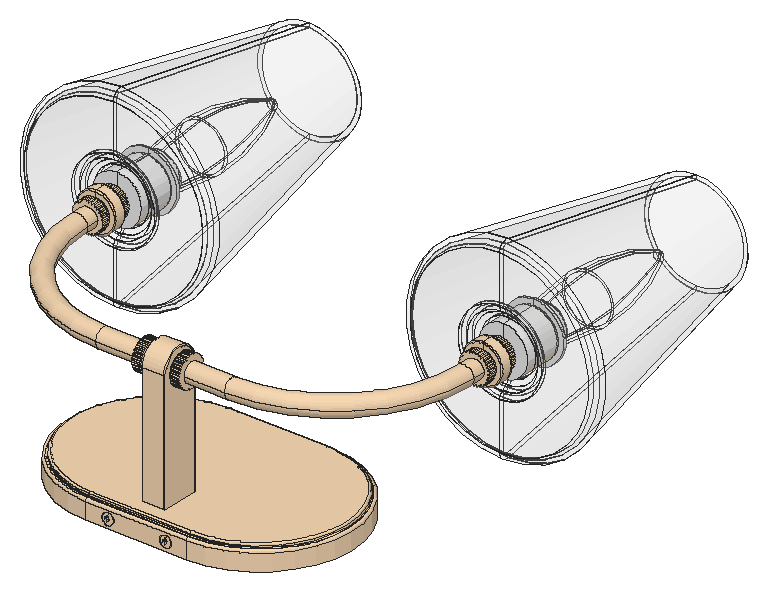
Revit family "Light_Fixture-Wall_Sconce-KOHLER-McGee-K-32256", category Lighting Fixtures, host Face, Revit 2021
Family settings
  Host = Face
  Round Connector Dimension = Use Diameter
  Part Type = Normal
  OmniClass Number = 23.35.47.11
  OmniClass Title = Lighting Fixtures
  Cut with Voids When Loaded = No
  Light Source = Yes
  Shared = No
  Room Calculation Point = No
Parameters (values of type "2GL-Brushed Modern Brass")
  Width = 6 61/256"  # constant formula
  Wattage Comments = "80W"  # constant formula
  Wattage = 40 W
  WaterSense Certified = 1 = 0  # no
  built-in parameter 1150110 = 1 (stored number, unit not read)
  Voltage = 120 V  # constant formula
  URL = "https://www.us.kohler.com/us/"
  Type = 4
  built-in parameter 1114217 = 1 (stored number, unit not read)
  built-in parameter 1150109 = 1 (stored number, unit not read)
  built-in parameter 1150134 = 1
  built-in parameter 1150113 = 1 (stored number, unit not read)
  Product Page URL = "http://www.us.kohler.com/us/catalog/productDetails.jsp?productNumber=32256-SC02"
  Product Name = "McGee"  # constant formula
  Product Documentation Link = "https://www.us.kohler.com/webassets/kpna/catalog/pdf/en/K-32256-SC02_spec_US-CA_Kohler_en.pdf"
  Model = if(Type = 1, "K-32256-SC02-CPL", if(Type = 2, "K-32256-SC02-BNL", if(Type = 3, "K-32256-SC02-BLL", if(Type = 4, "K-32256-SC02-2GL", if(Type = 5, "K-32256-SC02-SNL", "NA")))))  # "K-32256-SC02-2GL"
  Material = "Premium Metal Construction"  # constant formula
  Master Format 2014 Name = "Interior Lighting Fixtures, Lamps, And Ballasts"  # constant formula
  Master Format 2014 = "26 51 13"  # constant formula
  Manufacturer Address = "444 Highland Dr, Kohler, WI 53044"  # constant formula
  Manufacturer = "Kohler Co."  # constant formula
  built-in parameter 1150105 = 63.662 (stored number, unit not read)
  Lumens = 800 lm
  built-in parameter 1150115 = 1 (stored number, unit not read)
  Light Source Symbol Size = 3"  # constant formula
  built-in parameter 1150137 = (empty or 0)
  built-in parameter 1150139 = (empty or 0)
  Length = 15 19/128"  # constant formula
  built-in parameter 1150112 = 1 (stored number, unit not read)
  built-in parameter 1150114 = 1 (stored number, unit not read)
  Lamp = "2*E12 Type B 40W"  # constant formula
  built-in parameter 1150132 = (empty or 0)
  built-in parameter 1150102 = (empty or 0)
  built-in parameter 1150107 = 6500 (stored number, unit not read)
  built-in parameter 1150138 = (empty or 0)
  built-in parameter 1150106 = 0.63662 (stored number, unit not read)
  Height = 11 229/256"  # constant formula
  Hardware Included = 1 = 0  # no
  Finish = KOHLER-Metal-2GL-Brushed_Modern_Brass
  Environmental Product Declaration = ""
  Emit from Line Length = 2"
  Electrical Note = "One Dedicated Cicuit Required"  # constant formula
  Electrical Connector = 1 = 1  # yes
  built-in parameter 1150104 = 1.8581 (stored number, unit not read)
  Dimming Lamp Color Temperature Shift = Incandescent Lamp Curve
  Description = "Cone 2-Light Sconce"  # constant formula
  Default Elevation = 60"
  Declare Label = ""
  Date Modified = "04/10/2023"  # constant formula
  Date Created = "04/10/2023"  # constant formula
  Copyright = "Copyright Kohler Co."  # constant formula
  Contact Us = "https://www.us.kohler.com/us/static/contact.jsp"
  Color Filter = 16777215
  built-in parameter 1114218 = 1 (stored number, unit not read)
  built-in parameter 1150133 = 10 (stored number, unit not read)
  Assembly Code = "D5040.50"
  Apparent Load = 80 VA  # constant formula
  ADA Compliant = 1 = 0  # no
Reference planes (in)
  plane 1 "Center (Front/Back)": y = 0
  plane 2: z = 0
  plane 3 "Center (Left/Right)": x = 0
  plane 4: z = 3.68447
  plane 5: z = 6.23828
  plane 6: z = 1.12797
  plane 7: x = -5.02003
  plane 8: x = 5.02003
  plane 9: y = 3.13383
  plane 10: y = 7.47944
  plane 11: y = 9.51179
  plane 12: x = -7.57515
  plane 13: x = 7.57329
  plane 14: y = -2.38274
  plane 15: y = 2.38189
  plane 16: x = -2.46491
  plane 17: x = 2.46491
  plane 18: y = -1.37795
  plane 19: x = 3.69076
  plane 20: x = -3.69076
Dimensions and locks (in)
  "Width": level to plane 5
  locked: plane 6 to plane 5 at 5.11031
  level to plane 4 = 3.68447"
  "Length": plane 12 to plane 13
  "Height": plane 14 to plane 11
  plane 12 to plane 16 = 5.11024"
  plane 17 to plane 13 = 5.10838"
  plane 9 to plane 11 = 6.37795"
  plane 15 to plane 14 = 4.76463"
  plane 20 to plane 19 = 7.38152"
  aligned and locked: plane 2 to host face
  aligned and locked: level to host face
  aligned and locked: nested 2 to plane 4
  aligned and locked: imposter light to plane 4
  aligned and locked: nested 1 to plane 3 "Center (Left/Right)"
  aligned and locked: nested 1 to plane 1 "Center (Front/Back)"
  aligned and locked: plane 7 to nested 2
  aligned and locked: nested 3 to plane 8
  aligned and locked: nested 2 to plane 9
  aligned and locked: plane 9 to nested 3
  aligned and locked: imposter light to plane 7
  aligned and locked: imposter light to plane 10
  aligned and locked: plane 4 to nested 1
  aligned and locked: plane 4 to nested 3
  aligned and locked: nested 4 to plane 8
  aligned and locked: nested 4 to plane 4
Automatic sketch dimensions
  host sketch curve to host sketch curve = 96"  (x2)
Nested families (in)
  nested 1: "K-32256_Handle" at (2.25299, -1.37795, 0) x (0, 1, 0) z (0, 0, 1), type "K-32256_Handle"
  nested 2: "K-32256" at (-5.02003, 2.31079, 3.68447), type "K-32256"
  nested 3: "K-32256" at (5.02003, 2.31079, 3.68447) x (-1, 0, 0) z (0, 0, 1), type "K-32256"
  nested 4: "Light_Source" at (5.02003, 6.48195, 3.68447), type "Light_Source"
    with Wattage 40 W, Lumens 800 lm, Light Source Symbol Size 3", Emit from Line Length 2", Color Filter 16777215
Connectors (in)
  electrical at (0, 0, 0), driven by "Voltage", driven by "Apparent Load", driven by "Electrical Connector", driven by "Electrical Note"
    settings: on nested 1, index 1, voltage 120 V, apparent load 80 VA, apparent load phase1 0 VA, apparent load phase2 0 VA, apparent load phase3 0 VA, power factor 1, load classification "Power", number of poles 1, system type 30, power factor state 1, is connector primary yes, connector utility yes, sub classification motor no, connector description "One Dedicated Cicuit Required"
Definition of nested family "K-32256_Handle"
  Parameters (values of type "K-32256_Handle")
    Material = none
    Default Elevation = 0"
  Reference planes (in)
    plane 1 "Center (Front/Back)": y = 0
    plane 2: z = 0
    plane 3 "Center (Left/Right)": x = 0
    plane 4: z = 3.68447
    plane 5: y = 2.25299
    plane 6: x = 1.37795
    plane 7: y = -2.76704
    plane 8 "A": y = 7.27302
    plane 9: x = 4.51179
    plane 10: z = 4.19351
    plane 11: z = 3.17543
    plane 12: z = 0.59091
    plane 13: x = -1.00394
    plane 14: x = 3.75984
    plane 15: y = 7.786
    plane 16: y = 6.76005
    plane 17: y = -3.28001
    plane 18: y = -2.25407
    plane 19: y = 5.94375
    plane 20: y = -1.43777
  Forms (in)
    Sweep 1, solid, material <- "Material", detail levels medium+fine
      path origin (0, 2.55906, 0) x (1, 0, 0) y (0, 1, 0)
        loop
          line (-1.00394, 1.01359) -> (-1.00394, -1.60369)
          arc (-1.00394, -1.60369) -> (1.37795, -3.98558) -> (3.75984, -1.60369) r 2.38189
          line (3.75984, -1.60369) -> (3.75984, 1.01359)
          arc (3.75984, 1.01359) -> (1.37795, 3.39548) -> (-1.00394, 1.01359) r 2.38189
      profile origin (-1.00394, 2.264, 0) x (1, 0, 0) y (0, 0, 1)
        loop
          line (0, 0) -> (0.20928, 0) -> (0.20928, 0.59055) -> (0.16464, 0.59055)
          arc (0.16464, 0.59055) -> (0.13165, 0.57689) -> (0.11799, 0.5439) r 0.04665
          line (0.11799, 0.5439) -> (0.11799, 0.51233)
          arc (0.11799, 0.51233) -> (0.11222, 0.4984) -> (0.09829, 0.49263) r 0.0197
          line (0.09829, 0.49263) -> (0.06081, 0.49263)
          arc (0.06081, 0.49263) -> (0.01781, 0.47482) -> (0, 0.43182) r 0.06081
          line (0, 0.43182) -> (0, 0)
    Extrusion 2, solid, material <- "Material", detail levels medium+fine
      sketch origin (1.37795, 2.26378, 0) x (1, 0, 0) y (0, 1, 0)
        loop
          line (-2.17261, 1.30887) -> (-2.17261, -1.30842)
          arc (-2.17261, -1.30842) -> (0, -3.48103) -> (2.17261, -1.30842) r 2.17261
          line (2.17261, -1.30842) -> (2.17261, 1.30887)
          arc (2.17261, 1.30887) -> (0, 3.48148) -> (-2.17261, 1.30887) r 2.17261
      from 0 to 0.59055
    Revolve 3, solid, material <- "Material", detail levels medium+fine
      sketch origin (0, 0, 0) x (0, 1, 0) y (0, 0, 1)
        loop
          line (2.23713, 4.02857) -> (1.86314, 4.02857) -> (1.86314, 3.68447) -> (2.61111, 3.68447) -> (2.61111, 4.02857) -> (2.23713, 4.02857)
        axis (1.86314, 3.68447) -> (2.61111, 3.68447)
      angle from 0 to 360
    Sweep 4, solid, material <- "Material", detail levels medium+fine
      path origin (0, 0, 0) x (1, 0, 0) y (0, 0, 1)
        loop
          line (-0.49213, 0.47511) -> (-0.49213, 3.6849)
          arc (-0.49213, 3.6849) -> (0, 4.17702) -> (0.49213, 3.6849) r 0.49213
          line (0.49213, 3.6849) -> (0.49213, 0.47511)
      profile origin (-0.49213, 0, 2.08) x (-1, 0, 0) y (0, -1, 0)
        loop
          line (0, -2.51272) -> (0, -1.96154)
          arc (0, -1.96154) -> (-0.00577, -1.94762) -> (-0.01969, -1.94185) r 0.01969
          line (-0.01969, -1.94185) -> (-0.05604, -1.94185) -> (-0.05604, -2.5324) -> (-0.01969, -2.5324)
          arc (-0.01969, -2.5324) -> (-0.00577, -2.52664) -> (0, -2.51272) r 0.01969
    Extrusion 5, solid, material <- "Material", detail levels medium+fine
      sketch origin (0, 0, 0) x (1, 0, 0) y (0, 0, 1)
        loop
          arc (-0.02418, 4.07743) -> (-0.04115, 4.07601) -> (-0.05804, 4.07387) r 0.3937
          line (-0.05804, 4.07387) -> (-0.07452, 4.03505) -> (-0.10536, 4.06381)
          arc (-0.10536, 4.06381) -> (-0.12166, 4.0589) -> (-0.13774, 4.05329) r 0.3937
          line (-0.13774, 4.05329) -> (-0.14578, 4.0119) -> (-0.18192, 4.03362)
          arc (-0.18192, 4.03362) -> (-0.19685, 4.02542) -> (-0.21141, 4.01659) r 0.3937
          line (-0.21141, 4.01659) -> (-0.21067, 3.97443) -> (-0.25054, 3.98816)
          arc (-0.25054, 3.98816) -> (-0.26344, 3.97705) -> (-0.27584, 3.96538) r 0.3937
          line (-0.27584, 3.96538) -> (-0.26636, 3.9243) -> (-0.30821, 3.92944)
          arc (-0.30821, 3.92944) -> (-0.31851, 3.91588) -> (-0.32822, 3.90189) r 0.3937
          line (-0.32822, 3.90189) -> (-0.3104, 3.86368) -> (-0.3524, 3.86)
          arc (-0.3524, 3.86) -> (-0.35966, 3.8446) -> (-0.36625, 3.8289) r 0.3937
          line (-0.36625, 3.8289) -> (-0.34088, 3.79523) -> (-0.3812, 3.7829)
          arc (-0.3812, 3.7829) -> (-0.3851, 3.76632) -> (-0.38828, 3.7496) r 0.3937
          line (-0.38828, 3.7496) -> (-0.35645, 3.72193) -> (-0.39333, 3.70149)
          arc (-0.39333, 3.70149) -> (-0.3937, 3.68447) -> (-0.39333, 3.66745) r 0.3937
          line (-0.39333, 3.66745) -> (-0.35645, 3.647) -> (-0.38828, 3.61934)
          arc (-0.38828, 3.61934) -> (-0.3851, 3.60261) -> (-0.3812, 3.58604) r 0.3937
          line (-0.3812, 3.58604) -> (-0.34088, 3.57371) -> (-0.36625, 3.54004)
          arc (-0.36625, 3.54004) -> (-0.35966, 3.52434) -> (-0.3524, 3.50893) r 0.3937
          line (-0.3524, 3.50893) -> (-0.3104, 3.50526) -> (-0.32822, 3.46705)
          arc (-0.32822, 3.46705) -> (-0.31851, 3.45306) -> (-0.30821, 3.4395) r 0.3937
          line (-0.30821, 3.4395) -> (-0.26636, 3.44464) -> (-0.27584, 3.40356)
          arc (-0.27584, 3.40356) -> (-0.26344, 3.39189) -> (-0.25054, 3.38077) r 0.3937
          line (-0.25054, 3.38077) -> (-0.21067, 3.3945) -> (-0.21141, 3.35234)
          arc (-0.21141, 3.35234) -> (-0.19685, 3.34351) -> (-0.18192, 3.33532) r 0.3937
          line (-0.18192, 3.33532) -> (-0.14578, 3.35704) -> (-0.13774, 3.31565)
          arc (-0.13774, 3.31565) -> (-0.12166, 3.31004) -> (-0.10536, 3.30513) r 0.3937
          line (-0.10536, 3.30513) -> (-0.07452, 3.33388) -> (-0.05804, 3.29507)
          arc (-0.05804, 3.29507) -> (-0.04115, 3.29292) -> (-0.02418, 3.29151) r 0.3937
          line (-0.02418, 3.29151) -> (0, 3.32605) -> (0.02418, 3.29151)
          arc (0.02418, 3.29151) -> (0.04115, 3.29292) -> (0.05804, 3.29507) r 0.3937
          line (0.05804, 3.29507) -> (0.07452, 3.33388) -> (0.10536, 3.30513)
          arc (0.10536, 3.30513) -> (0.12166, 3.31004) -> (0.13774, 3.31565) r 0.3937
          line (0.13774, 3.31565) -> (0.14578, 3.35704) -> (0.18192, 3.33532)
          arc (0.18192, 3.33532) -> (0.19685, 3.34351) -> (0.21141, 3.35234) r 0.3937
          line (0.21141, 3.35234) -> (0.21067, 3.3945) -> (0.25054, 3.38077)
          arc (0.25054, 3.38077) -> (0.26344, 3.39189) -> (0.27584, 3.40356) r 0.3937
          line (0.27584, 3.40356) -> (0.26636, 3.44464) -> (0.30821, 3.4395)
          arc (0.30821, 3.4395) -> (0.31851, 3.45306) -> (0.32822, 3.46705) r 0.3937
          line (0.32822, 3.46705) -> (0.3104, 3.50526) -> (0.3524, 3.50893)
          arc (0.3524, 3.50893) -> (0.35966, 3.52434) -> (0.36625, 3.54004) r 0.3937
          line (0.36625, 3.54004) -> (0.34088, 3.57371) -> (0.3812, 3.58604)
          arc (0.3812, 3.58604) -> (0.3851, 3.60261) -> (0.38828, 3.61934) r 0.3937
          line (0.38828, 3.61934) -> (0.35645, 3.647) -> (0.39333, 3.66745)
          arc (0.39333, 3.66745) -> (0.3937, 3.68447) -> (0.39333, 3.70149) r 0.3937
          line (0.39333, 3.70149) -> (0.35645, 3.72193) -> (0.38828, 3.7496)
          arc (0.38828, 3.7496) -> (0.3851, 3.76632) -> (0.3812, 3.7829) r 0.3937
          line (0.3812, 3.7829) -> (0.34088, 3.79523) -> (0.36625, 3.8289)
          arc (0.36625, 3.8289) -> (0.35966, 3.8446) -> (0.3524, 3.86) r 0.3937
          line (0.3524, 3.86) -> (0.3104, 3.86368) -> (0.32822, 3.90189)
          arc (0.32822, 3.90189) -> (0.31851, 3.91588) -> (0.30821, 3.92944) r 0.3937
          line (0.30821, 3.92944) -> (0.26636, 3.9243) -> (0.27584, 3.96538)
          arc (0.27584, 3.96538) -> (0.26344, 3.97705) -> (0.25054, 3.98816) r 0.3937
          line (0.25054, 3.98816) -> (0.21067, 3.97443) -> (0.21141, 4.01659)
          arc (0.21141, 4.01659) -> (0.19685, 4.02542) -> (0.18192, 4.03362) r 0.3937
          line (0.18192, 4.03362) -> (0.14578, 4.0119) -> (0.13774, 4.05329)
          arc (0.13774, 4.05329) -> (0.12166, 4.0589) -> (0.10536, 4.06381) r 0.3937
          line (0.10536, 4.06381) -> (0.07452, 4.03505) -> (0.05804, 4.07387)
          arc (0.05804, 4.07387) -> (0.04115, 4.07601) -> (0.02418, 4.07743) r 0.3937
          line (0.02418, 4.07743) -> (0, 4.04289) -> (-0.02418, 4.07743)
      from -1.64585 to -1.8816
    Extrusion 6, solid, material <- "Material", detail levels medium+fine
      sketch origin (0, 0, 0) x (1, 0, 0) y (0, 0, 1)
        loop
          arc (-0.02418, 4.07743) -> (-0.04115, 4.07601) -> (-0.05804, 4.07387) r 0.3937
          line (-0.05804, 4.07387) -> (-0.07452, 4.03505) -> (-0.10536, 4.06381)
          arc (-0.10536, 4.06381) -> (-0.12166, 4.0589) -> (-0.13774, 4.05329) r 0.3937
          line (-0.13774, 4.05329) -> (-0.14578, 4.0119) -> (-0.18192, 4.03362)
          arc (-0.18192, 4.03362) -> (-0.19685, 4.02542) -> (-0.21141, 4.01659) r 0.3937
          line (-0.21141, 4.01659) -> (-0.21067, 3.97443) -> (-0.25054, 3.98816)
          arc (-0.25054, 3.98816) -> (-0.26344, 3.97705) -> (-0.27584, 3.96538) r 0.3937
          line (-0.27584, 3.96538) -> (-0.26636, 3.9243) -> (-0.30821, 3.92944)
          arc (-0.30821, 3.92944) -> (-0.31851, 3.91588) -> (-0.32822, 3.90189) r 0.3937
          line (-0.32822, 3.90189) -> (-0.3104, 3.86368) -> (-0.3524, 3.86)
          arc (-0.3524, 3.86) -> (-0.35966, 3.8446) -> (-0.36625, 3.8289) r 0.3937
          line (-0.36625, 3.8289) -> (-0.34088, 3.79523) -> (-0.3812, 3.7829)
          arc (-0.3812, 3.7829) -> (-0.3851, 3.76632) -> (-0.38828, 3.7496) r 0.3937
          line (-0.38828, 3.7496) -> (-0.35645, 3.72193) -> (-0.39333, 3.70149)
          arc (-0.39333, 3.70149) -> (-0.3937, 3.68447) -> (-0.39333, 3.66745) r 0.3937
          line (-0.39333, 3.66745) -> (-0.35645, 3.647) -> (-0.38828, 3.61934)
          arc (-0.38828, 3.61934) -> (-0.3851, 3.60261) -> (-0.3812, 3.58604) r 0.3937
          line (-0.3812, 3.58604) -> (-0.34088, 3.57371) -> (-0.36625, 3.54004)
          arc (-0.36625, 3.54004) -> (-0.35966, 3.52434) -> (-0.3524, 3.50893) r 0.3937
          line (-0.3524, 3.50893) -> (-0.3104, 3.50526) -> (-0.32822, 3.46705)
          arc (-0.32822, 3.46705) -> (-0.31851, 3.45306) -> (-0.30821, 3.4395) r 0.3937
          line (-0.30821, 3.4395) -> (-0.26636, 3.44464) -> (-0.27584, 3.40356)
          arc (-0.27584, 3.40356) -> (-0.26344, 3.39189) -> (-0.25054, 3.38077) r 0.3937
          line (-0.25054, 3.38077) -> (-0.21067, 3.3945) -> (-0.21141, 3.35234)
          arc (-0.21141, 3.35234) -> (-0.19685, 3.34351) -> (-0.18192, 3.33532) r 0.3937
          line (-0.18192, 3.33532) -> (-0.14578, 3.35704) -> (-0.13774, 3.31565)
          arc (-0.13774, 3.31565) -> (-0.12166, 3.31004) -> (-0.10536, 3.30513) r 0.3937
          line (-0.10536, 3.30513) -> (-0.07452, 3.33388) -> (-0.05804, 3.29507)
          arc (-0.05804, 3.29507) -> (-0.04115, 3.29292) -> (-0.02418, 3.29151) r 0.3937
          line (-0.02418, 3.29151) -> (0, 3.32605) -> (0.02418, 3.29151)
          arc (0.02418, 3.29151) -> (0.04115, 3.29292) -> (0.05804, 3.29507) r 0.3937
          line (0.05804, 3.29507) -> (0.07452, 3.33388) -> (0.10536, 3.30513)
          arc (0.10536, 3.30513) -> (0.12166, 3.31004) -> (0.13774, 3.31565) r 0.3937
          line (0.13774, 3.31565) -> (0.14578, 3.35704) -> (0.18192, 3.33532)
          arc (0.18192, 3.33532) -> (0.19685, 3.34351) -> (0.21141, 3.35234) r 0.3937
          line (0.21141, 3.35234) -> (0.21067, 3.3945) -> (0.25054, 3.38077)
          arc (0.25054, 3.38077) -> (0.26344, 3.39189) -> (0.27584, 3.40356) r 0.3937
          line (0.27584, 3.40356) -> (0.26636, 3.44464) -> (0.30821, 3.4395)
          arc (0.30821, 3.4395) -> (0.31851, 3.45306) -> (0.32822, 3.46705) r 0.3937
          line (0.32822, 3.46705) -> (0.3104, 3.50526) -> (0.3524, 3.50893)
          arc (0.3524, 3.50893) -> (0.35966, 3.52434) -> (0.36625, 3.54004) r 0.3937
          line (0.36625, 3.54004) -> (0.34088, 3.57371) -> (0.3812, 3.58604)
          arc (0.3812, 3.58604) -> (0.3851, 3.60261) -> (0.38828, 3.61934) r 0.3937
          line (0.38828, 3.61934) -> (0.35645, 3.647) -> (0.39333, 3.66745)
          arc (0.39333, 3.66745) -> (0.3937, 3.68447) -> (0.39333, 3.70149) r 0.3937
          line (0.39333, 3.70149) -> (0.35645, 3.72193) -> (0.38828, 3.7496)
          arc (0.38828, 3.7496) -> (0.3851, 3.76632) -> (0.3812, 3.7829) r 0.3937
          line (0.3812, 3.7829) -> (0.34088, 3.79523) -> (0.36625, 3.8289)
          arc (0.36625, 3.8289) -> (0.35966, 3.8446) -> (0.3524, 3.86) r 0.3937
          line (0.3524, 3.86) -> (0.3104, 3.86368) -> (0.32822, 3.90189)
          arc (0.32822, 3.90189) -> (0.31851, 3.91588) -> (0.30821, 3.92944) r 0.3937
          line (0.30821, 3.92944) -> (0.26636, 3.9243) -> (0.27584, 3.96538)
          arc (0.27584, 3.96538) -> (0.26344, 3.97705) -> (0.25054, 3.98816) r 0.3937
          line (0.25054, 3.98816) -> (0.21067, 3.97443) -> (0.21141, 4.01659)
          arc (0.21141, 4.01659) -> (0.19685, 4.02542) -> (0.18192, 4.03362) r 0.3937
          line (0.18192, 4.03362) -> (0.14578, 4.0119) -> (0.13774, 4.05329)
          arc (0.13774, 4.05329) -> (0.12166, 4.0589) -> (0.10536, 4.06381) r 0.3937
          line (0.10536, 4.06381) -> (0.07452, 4.03505) -> (0.05804, 4.07387)
          arc (0.05804, 4.07387) -> (0.04115, 4.07601) -> (0.02418, 4.07743) r 0.3937
          line (0.02418, 4.07743) -> (0, 4.04289) -> (-0.02418, 4.07743)
      from -2.62956 to -2.86582
    Extrusion 7, void
      sketch origin (0.59055, 2.21457, 0) x (0, -1, 0) y (0, 0, 1)
        loop
          circle (-0.7874, 0.21654) r 0.15748
        loop
          circle (-0.7874, 0.21654) r 0.13835
        loop
          line (-0.80822, 0.29635) -> (-0.80822, 0.23551) -> (-0.86827, 0.23551) -> (-0.86827, 0.19679) -> (-0.80822, 0.19679) -> (-0.80822, 0.13674) -> (-0.76555, 0.13674) -> (-0.76555, 0.19679) -> (-0.71024, 0.19679) -> (-0.71024, 0.23551) -> (-0.76555, 0.23551) -> (-0.76555, 0.29635) -> (-0.80822, 0.29635)
      from 1.38521 to 1.77165
    Extrusion 8, solid, material <- "Material", detail levels medium+fine
      sketch origin (0, 0, 0) x (1, 0, 0) y (0, 1, 0)
        loop
          circle (1.37795, 2.25299) r 0.19685
      from 0 to 0.19685
    Extrusion 9, void
      sketch origin (0.59055, 2.29142, 0) x (0, 1, 0) y (0, 0, -1)
        loop
          circle (-0.7874, -0.21654) r 0.15748
        loop
          circle (-0.7874, -0.21654) r 0.13835
        loop
          line (-0.80822, -0.29635) -> (-0.76555, -0.29635) -> (-0.76555, -0.23551) -> (-0.71024, -0.23551) -> (-0.71024, -0.19679) -> (-0.76555, -0.19679) -> (-0.76555, -0.13674) -> (-0.80822, -0.13674) -> (-0.80822, -0.19679) -> (-0.86827, -0.19679) -> (-0.86827, -0.23551) -> (-0.80822, -0.23551) -> (-0.80822, -0.29635)
      from 1.38521 to 1.77165
    Extrusion 10, void
      sketch origin (2.16535, 2.21457, 0) x (0, -1, 0) y (0, 0, -1)
        loop
          circle (-0.7874, -0.21654) r 0.15748
        loop
          circle (-0.7874, -0.21654) r 0.13835
        loop
          line (-0.80822, -0.29635) -> (-0.76555, -0.29635) -> (-0.76555, -0.23551) -> (-0.71024, -0.23551) -> (-0.71024, -0.19679) -> (-0.76555, -0.19679) -> (-0.76555, -0.13674) -> (-0.80822, -0.13674) -> (-0.80822, -0.19679) -> (-0.86827, -0.19679) -> (-0.86827, -0.23551) -> (-0.80822, -0.23551) -> (-0.80822, -0.29635)
      from 1.38521 to 1.77165
    Extrusion 11, void
      sketch origin (2.16535, 2.29142, 0) x (0, 1, 0) y (0, 0, 1)
        loop
          circle (-0.7874, 0.21654) r 0.15748
        loop
          circle (-0.7874, 0.21654) r 0.13835
        loop
          line (-0.80822, 0.29635) -> (-0.80822, 0.23551) -> (-0.86827, 0.23551) -> (-0.86827, 0.19679) -> (-0.80822, 0.19679) -> (-0.80822, 0.13674) -> (-0.76555, 0.13674) -> (-0.76555, 0.19679) -> (-0.71024, 0.19679) -> (-0.71024, 0.23551) -> (-0.76555, 0.23551) -> (-0.76555, 0.29635) -> (-0.80822, 0.29635)
      from 1.38521 to 1.77165
    Sweep 12, solid, material <- "Material", detail levels medium+fine
      path origin (0, 0, 0) x (1, 0, 0) y (0, 1, 0)
        loop
          line (4.50897, 7.27302) -> (3.34646, 7.27302)
          arc (3.34646, 7.27302) -> (0.98015, 6.29287) -> (0, 3.92657) r 3.34646
          line (0, 3.92657) -> (0, 0.57942)
          arc (0, 0.57942) -> (0.98015, -1.78688) -> (3.34646, -2.76704) r 3.34646
          line (3.34646, -2.76704) -> (4.50897, -2.76704)
      profile origin (3.92771, 7.27302, 0) x (0, -1, 0) y (0, 0, 1)
        loop
          circle (0, 3.6811) r 0.24744
    Revolve 13, solid, material <- "Material", detail levels medium+fine
      sketch origin (0, 7.27302, 0) x (1, 0, 0) y (0, 0, 1)
        loop
          line (4.33025, 3.6811) -> (4.33025, 4.02551) -> (4.25138, 4.02551) -> (4.25138, 4.17286)
          arc (4.25138, 4.17286) -> (4.24533, 4.18746) -> (4.23073, 4.19351) r 0.02065
          line (4.23073, 4.19351) -> (3.95877, 4.19351)
          arc (3.95877, 4.19351) -> (3.94379, 4.18731) -> (3.93758, 4.17233) r 0.02118
          line (3.93758, 4.17233) -> (3.93758, 4.02551) -> (3.85884, 4.02551) -> (3.85884, 3.6811) -> (4.33025, 3.6811)
        axis (3.85884, 3.6811) -> (4.33025, 3.6811)
      angle from 0 to 360
    Extrusion 14, solid, material <- "Material", detail levels medium+fine
      sketch origin (0, 0, 0) x (0, 1, 0) y (0, 0, 1)
        loop
          arc (7.66598, 3.70529) -> (7.66457, 3.72226) -> (7.66242, 3.73915) r 0.3937
          line (7.66242, 3.73915) -> (7.62361, 3.75562) -> (7.65236, 3.78646)
          arc (7.65236, 3.78646) -> (7.64745, 3.80276) -> (7.64184, 3.81884) r 0.3937
          line (7.64184, 3.81884) -> (7.60045, 3.82688) -> (7.62217, 3.86303)
          arc (7.62217, 3.86303) -> (7.61398, 3.87795) -> (7.60515, 3.89251) r 0.3937
          line (7.60515, 3.89251) -> (7.56299, 3.89177) -> (7.57672, 3.93164)
          arc (7.57672, 3.93164) -> (7.5656, 3.94454) -> (7.55394, 3.95694) r 0.3937
          line (7.55394, 3.95694) -> (7.51285, 3.94746) -> (7.51799, 3.98931)
          arc (7.51799, 3.98931) -> (7.50443, 3.99961) -> (7.49045, 4.00932) r 0.3937
          line (7.49045, 4.00932) -> (7.45223, 3.9915) -> (7.44856, 4.03351)
          arc (7.44856, 4.03351) -> (7.43316, 4.04077) -> (7.41745, 4.04735) r 0.3937
          line (7.41745, 4.04735) -> (7.38378, 4.02198) -> (7.37145, 4.0623)
          arc (7.37145, 4.0623) -> (7.35488, 4.0662) -> (7.33815, 4.06938) r 0.3937
          line (7.33815, 4.06938) -> (7.31049, 4.03756) -> (7.29005, 4.07443)
          arc (7.29005, 4.07443) -> (7.27302, 4.0748) -> (7.256, 4.07443) r 0.3937
          line (7.256, 4.07443) -> (7.23556, 4.03756) -> (7.2079, 4.06938)
          arc (7.2079, 4.06938) -> (7.19117, 4.0662) -> (7.17459, 4.0623) r 0.3937
          line (7.17459, 4.0623) -> (7.16227, 4.02198) -> (7.12859, 4.04735)
          arc (7.12859, 4.04735) -> (7.11289, 4.04077) -> (7.09749, 4.03351) r 0.3937
          line (7.09749, 4.03351) -> (7.09381, 3.9915) -> (7.0556, 4.00932)
          arc (7.0556, 4.00932) -> (7.04161, 3.99961) -> (7.02806, 3.98931) r 0.3937
          line (7.02806, 3.98931) -> (7.03319, 3.94746) -> (6.99211, 3.95694)
          arc (6.99211, 3.95694) -> (6.98045, 3.94454) -> (6.96933, 3.93164) r 0.3937
          line (6.96933, 3.93164) -> (6.98306, 3.89177) -> (6.9409, 3.89251)
          arc (6.9409, 3.89251) -> (6.93207, 3.87795) -> (6.92388, 3.86303) r 0.3937
          line (6.92388, 3.86303) -> (6.94559, 3.82688) -> (6.9042, 3.81884)
          arc (6.9042, 3.81884) -> (6.89859, 3.80276) -> (6.89368, 3.78646) r 0.3937
          line (6.89368, 3.78646) -> (6.92244, 3.75562) -> (6.88362, 3.73915)
          arc (6.88362, 3.73915) -> (6.88148, 3.72226) -> (6.88007, 3.70529) r 0.3937
          line (6.88007, 3.70529) -> (6.91461, 3.6811) -> (6.88007, 3.65692)
          arc (6.88007, 3.65692) -> (6.88148, 3.63995) -> (6.88362, 3.62306) r 0.3937
          line (6.88362, 3.62306) -> (6.92244, 3.60658) -> (6.89368, 3.57575)
          arc (6.89368, 3.57575) -> (6.89859, 3.55944) -> (6.9042, 3.54337) r 0.3937
          line (6.9042, 3.54337) -> (6.94559, 3.53532) -> (6.92388, 3.49918)
          arc (6.92388, 3.49918) -> (6.93207, 3.48425) -> (6.9409, 3.46969) r 0.3937
          line (6.9409, 3.46969) -> (6.98306, 3.47043) -> (6.96933, 3.43056)
          arc (6.96933, 3.43056) -> (6.98045, 3.41767) -> (6.99211, 3.40526) r 0.3937
          line (6.99211, 3.40526) -> (7.03319, 3.41475) -> (7.02806, 3.3729)
          arc (7.02806, 3.3729) -> (7.04161, 3.36259) -> (7.0556, 3.35288) r 0.3937
          line (7.0556, 3.35288) -> (7.09381, 3.3707) -> (7.09749, 3.3287)
          arc (7.09749, 3.3287) -> (7.11289, 3.32144) -> (7.12859, 3.31485) r 0.3937
          line (7.12859, 3.31485) -> (7.16227, 3.34023) -> (7.17459, 3.2999)
          arc (7.17459, 3.2999) -> (7.19117, 3.296) -> (7.2079, 3.29283) r 0.3937
          line (7.2079, 3.29283) -> (7.23556, 3.32465) -> (7.256, 3.28777)
          arc (7.256, 3.28777) -> (7.27302, 3.2874) -> (7.29005, 3.28777) r 0.3937
          line (7.29005, 3.28777) -> (7.31049, 3.32465) -> (7.33815, 3.29283)
          arc (7.33815, 3.29283) -> (7.35488, 3.296) -> (7.37145, 3.2999) r 0.3937
          line (7.37145, 3.2999) -> (7.38378, 3.34023) -> (7.41745, 3.31485)
          arc (7.41745, 3.31485) -> (7.43316, 3.32144) -> (7.44856, 3.3287) r 0.3937
          line (7.44856, 3.3287) -> (7.45223, 3.3707) -> (7.49045, 3.35288)
          arc (7.49045, 3.35288) -> (7.50443, 3.36259) -> (7.51799, 3.3729) r 0.3937
          line (7.51799, 3.3729) -> (7.51285, 3.41475) -> (7.55394, 3.40526)
          arc (7.55394, 3.40526) -> (7.5656, 3.41767) -> (7.57672, 3.43056) r 0.3937
          line (7.57672, 3.43056) -> (7.56299, 3.47043) -> (7.60515, 3.46969)
          arc (7.60515, 3.46969) -> (7.61398, 3.48425) -> (7.62217, 3.49918) r 0.3937
          line (7.62217, 3.49918) -> (7.60045, 3.53532) -> (7.64184, 3.54337)
          arc (7.64184, 3.54337) -> (7.64745, 3.55944) -> (7.65236, 3.57575) r 0.3937
          line (7.65236, 3.57575) -> (7.62361, 3.60658) -> (7.66242, 3.62306)
          arc (7.66242, 3.62306) -> (7.66457, 3.63995) -> (7.66598, 3.65692) r 0.3937
          line (7.66598, 3.65692) -> (7.63144, 3.6811) -> (7.66598, 3.70529)
      from 3.85884 to 3.67753
    Revolve 15, solid, material <- "Material", detail levels medium+fine
      sketch origin (0, -2.76704, 0) x (1, 0, 0) y (0, 0, 1)
        loop
          line (4.33025, 3.6811) -> (4.33025, 4.02551) -> (4.25138, 4.02551) -> (4.25138, 4.17286)
          arc (4.25138, 4.17286) -> (4.24533, 4.18746) -> (4.23073, 4.19351) r 0.02065
          line (4.23073, 4.19351) -> (3.95877, 4.19351)
          arc (3.95877, 4.19351) -> (3.94379, 4.18731) -> (3.93758, 4.17233) r 0.02118
          line (3.93758, 4.17233) -> (3.93758, 4.02551) -> (3.85884, 4.02551) -> (3.85884, 3.6811) -> (4.33025, 3.6811)
        axis (3.85884, 3.6811) -> (4.33025, 3.6811)
      angle from 0 to 360
    Extrusion 16, solid, material <- "Material", detail levels medium+fine
      sketch origin (0, 4.50598, 0) x (0, -1, 0) y (0, 0, -1)
        loop
          line (7.66598, -3.70529) -> (7.63144, -3.6811) -> (7.66598, -3.65692)
          arc (7.66598, -3.65692) -> (7.66457, -3.63995) -> (7.66242, -3.62306) r 0.3937
          line (7.66242, -3.62306) -> (7.62361, -3.60658) -> (7.65236, -3.57575)
          arc (7.65236, -3.57575) -> (7.64745, -3.55944) -> (7.64184, -3.54337) r 0.3937
          line (7.64184, -3.54337) -> (7.60045, -3.53532) -> (7.62217, -3.49918)
          arc (7.62217, -3.49918) -> (7.61398, -3.48425) -> (7.60515, -3.46969) r 0.3937
          line (7.60515, -3.46969) -> (7.56299, -3.47043) -> (7.57672, -3.43056)
          arc (7.57672, -3.43056) -> (7.5656, -3.41767) -> (7.55394, -3.40526) r 0.3937
          line (7.55394, -3.40526) -> (7.51285, -3.41475) -> (7.51799, -3.3729)
          arc (7.51799, -3.3729) -> (7.50443, -3.36259) -> (7.49045, -3.35288) r 0.3937
          line (7.49045, -3.35288) -> (7.45223, -3.3707) -> (7.44856, -3.3287)
          arc (7.44856, -3.3287) -> (7.43316, -3.32144) -> (7.41745, -3.31485) r 0.3937
          line (7.41745, -3.31485) -> (7.38378, -3.34023) -> (7.37145, -3.2999)
          arc (7.37145, -3.2999) -> (7.35488, -3.296) -> (7.33815, -3.29283) r 0.3937
          line (7.33815, -3.29283) -> (7.31049, -3.32465) -> (7.29005, -3.28777)
          arc (7.29005, -3.28777) -> (7.27302, -3.2874) -> (7.256, -3.28777) r 0.3937
          line (7.256, -3.28777) -> (7.23556, -3.32465) -> (7.2079, -3.29283)
          arc (7.2079, -3.29283) -> (7.19117, -3.296) -> (7.17459, -3.2999) r 0.3937
          line (7.17459, -3.2999) -> (7.16227, -3.34023) -> (7.12859, -3.31485)
          arc (7.12859, -3.31485) -> (7.11289, -3.32144) -> (7.09749, -3.3287) r 0.3937
          line (7.09749, -3.3287) -> (7.09381, -3.3707) -> (7.0556, -3.35288)
          arc (7.0556, -3.35288) -> (7.04161, -3.36259) -> (7.02806, -3.3729) r 0.3937
          line (7.02806, -3.3729) -> (7.03319, -3.41475) -> (6.99211, -3.40526)
          arc (6.99211, -3.40526) -> (6.98045, -3.41767) -> (6.96933, -3.43056) r 0.3937
          line (6.96933, -3.43056) -> (6.98306, -3.47043) -> (6.9409, -3.46969)
          arc (6.9409, -3.46969) -> (6.93207, -3.48425) -> (6.92388, -3.49918) r 0.3937
          line (6.92388, -3.49918) -> (6.94559, -3.53532) -> (6.9042, -3.54337)
          arc (6.9042, -3.54337) -> (6.89859, -3.55944) -> (6.89368, -3.57575) r 0.3937
          line (6.89368, -3.57575) -> (6.92244, -3.60658) -> (6.88362, -3.62306)
          arc (6.88362, -3.62306) -> (6.88148, -3.63995) -> (6.88007, -3.65692) r 0.3937
          line (6.88007, -3.65692) -> (6.91461, -3.6811) -> (6.88007, -3.70529)
          arc (6.88007, -3.70529) -> (6.88148, -3.72226) -> (6.88362, -3.73915) r 0.3937
          line (6.88362, -3.73915) -> (6.92244, -3.75562) -> (6.89368, -3.78646)
          arc (6.89368, -3.78646) -> (6.89859, -3.80276) -> (6.9042, -3.81884) r 0.3937
          line (6.9042, -3.81884) -> (6.94559, -3.82688) -> (6.92388, -3.86303)
          arc (6.92388, -3.86303) -> (6.93207, -3.87795) -> (6.9409, -3.89251) r 0.3937
          line (6.9409, -3.89251) -> (6.98306, -3.89177) -> (6.96933, -3.93164)
          arc (6.96933, -3.93164) -> (6.98045, -3.94454) -> (6.99211, -3.95694) r 0.3937
          line (6.99211, -3.95694) -> (7.03319, -3.94746) -> (7.02806, -3.98931)
          arc (7.02806, -3.98931) -> (7.04161, -3.99961) -> (7.0556, -4.00932) r 0.3937
          line (7.0556, -4.00932) -> (7.09381, -3.9915) -> (7.09749, -4.03351)
          arc (7.09749, -4.03351) -> (7.11289, -4.04077) -> (7.12859, -4.04735) r 0.3937
          line (7.12859, -4.04735) -> (7.16227, -4.02198) -> (7.17459, -4.0623)
          arc (7.17459, -4.0623) -> (7.19117, -4.0662) -> (7.2079, -4.06938) r 0.3937
          line (7.2079, -4.06938) -> (7.23556, -4.03756) -> (7.256, -4.07443)
          arc (7.256, -4.07443) -> (7.27302, -4.0748) -> (7.29005, -4.07443) r 0.3937
          line (7.29005, -4.07443) -> (7.31049, -4.03756) -> (7.33815, -4.06938)
          arc (7.33815, -4.06938) -> (7.35488, -4.0662) -> (7.37145, -4.0623) r 0.3937
          line (7.37145, -4.0623) -> (7.38378, -4.02198) -> (7.41745, -4.04735)
          arc (7.41745, -4.04735) -> (7.43316, -4.04077) -> (7.44856, -4.03351) r 0.3937
          line (7.44856, -4.03351) -> (7.45223, -3.9915) -> (7.49045, -4.00932)
          arc (7.49045, -4.00932) -> (7.50443, -3.99961) -> (7.51799, -3.98931) r 0.3937
          line (7.51799, -3.98931) -> (7.51285, -3.94746) -> (7.55394, -3.95694)
          arc (7.55394, -3.95694) -> (7.5656, -3.94454) -> (7.57672, -3.93164) r 0.3937
          line (7.57672, -3.93164) -> (7.56299, -3.89177) -> (7.60515, -3.89251)
          arc (7.60515, -3.89251) -> (7.61398, -3.87795) -> (7.62217, -3.86303) r 0.3937
          line (7.62217, -3.86303) -> (7.60045, -3.82688) -> (7.64184, -3.81884)
          arc (7.64184, -3.81884) -> (7.64745, -3.80276) -> (7.65236, -3.78646) r 0.3937
          line (7.65236, -3.78646) -> (7.62361, -3.75562) -> (7.66242, -3.73915)
          arc (7.66242, -3.73915) -> (7.66457, -3.72226) -> (7.66598, -3.70529) r 0.3937
      from 3.85884 to 3.67753
    Extrusion 17, solid, material <- "Material", detail levels medium+fine
      sketch origin (0, 0, 0) x (1, 0, 0) y (0, 0, 1)
        loop
          line (-0.45183, 3.6849) -> (-0.45183, 0.47511) -> (0.45183, 0.47511) -> (0.45183, 3.6849)
          arc (0.45183, 3.6849) -> (0, 4.13673) -> (-0.45183, 3.6849) r 0.45183
      from -2.5324 to -1.94185
    Extrusion 18, solid, material <- "Material", detail levels coarse
      sketch origin (0, 0, 0) x (1, 0, 0) y (0, 1, 0)
        loop
          arc (3.75984, 3.56186) -> (1.37795, 5.94375) -> (-1.00394, 3.56186) r 2.38189
          line (-1.00394, 3.56186) -> (-1.00394, 0.94457)
          arc (-1.00394, 0.94457) -> (1.37795, -1.43732) -> (3.75984, 0.94457) r 2.38189
          line (3.75984, 0.94457) -> (3.75984, 3.56186)
      from 0 to 0.59055
    Extrusion 19, solid, material <- "Material", detail levels coarse
      sketch origin (0, 0, 0) x (1, 0, 0) y (0, 0, 1)
        loop
          line (0.49213, 0.59091) -> (0.49213, 3.70121)
          arc (0.49213, 3.70121) -> (0, 4.19333) -> (-0.49213, 3.70121) r 0.49213
          line (-0.49213, 3.70121) -> (-0.49213, 0.59091) -> (0.49213, 0.59091)
      from -2.55086 to -1.942
    Sweep 20, solid, material <- "Material", detail levels coarse
      path origin (0, 0, 0) x (1, 0, 0) y (0, 1, 0)
        loop
          line (3.67753, 7.27302) -> (3.34646, 7.27302)
          arc (3.34646, 7.27302) -> (0.98015, 6.29287) -> (0, 3.92657) r 3.34646
          line (0, 3.92657) -> (0, 0.57942)
          arc (0, 0.57942) -> (0.98015, -1.78688) -> (3.34646, -2.76704) r 3.34646
          line (3.34646, -2.76704) -> (3.67753, -2.76704)
      profile origin (3.51199, 7.27302, 0) x (0, -1, 0) y (0, 0, 1)
        loop
          circle (0, 3.68447) r 0.29433
    Revolve 21, solid, material <- "Material", detail levels coarse
      sketch origin (0, 7.27302, 0) x (1, 0, 0) y (0, 0, 1)
        loop
          line (4.51179, 3.6811) -> (4.51179, 4.08095) -> (4.33025, 4.08095) -> (4.33025, 4.02551) -> (4.25138, 4.02551) -> (4.25138, 4.20028) -> (3.93758, 4.20028) -> (3.93758, 4.02551) -> (3.85884, 4.02551) -> (3.85884, 4.08059) -> (3.67753, 4.08059) -> (3.67753, 3.6811) -> (4.51179, 3.6811)
        axis (3.67753, 3.6811) -> (4.51179, 3.6811)
      angle from 0 to 360
    Revolve 22, solid, material <- "Material", detail levels coarse
      sketch origin (0, 2.58613, 3.68447) x (0, 1, 0) y (-1, 0, 0)
        loop
          line (-0.70453, 0.02418) -> (-0.94643, 0.02418) -> (-0.94643, -0.39985) -> (-0.70453, -0.39985) -> (-0.70453, 0.02418)
        axis (-0.70453, 0.02418) -> (-0.94643, 0.02418)
      angle from 0 to 360
    Revolve 23, solid, material <- "Material", detail levels coarse
      sketch origin (0, 1.91985, 3.68447) x (0, -1, 0) y (1, 0, 0)
        loop
          line (-0.70453, -0.02418) -> (-0.70453, 0.39985) -> (-0.94643, 0.39985) -> (-0.94643, -0.02418) -> (-0.70453, -0.02418)
        axis (-0.70453, -0.02418) -> (-0.94643, -0.02418)
      angle from 0 to 360
    Revolve 24, solid, material <- "Material", detail levels coarse
      sketch origin (0, -2.76704, 0) x (1, 0, 0) y (0, 0, 1)
        loop
          line (4.51179, 3.6811) -> (4.51179, 4.08095) -> (4.33025, 4.08095) -> (4.33025, 4.02551) -> (4.25138, 4.02551) -> (4.25138, 4.20028) -> (3.93758, 4.20028) -> (3.93758, 4.02551) -> (3.85884, 4.02551) -> (3.85884, 4.08059) -> (3.67753, 4.08059) -> (3.67753, 3.6811) -> (4.51179, 3.6811)
        axis (3.67753, 3.6811) -> (4.51179, 3.6811)
      angle from 0 to 360
    Extrusion 25, solid, material <- "Material", detail levels medium+fine
      sketch origin (8.18932, 4.50598, 0) x (0, -1, 0) y (0, 0, 1)
        loop
          arc (7.66598, 3.70529) -> (7.66457, 3.72226) -> (7.66242, 3.73915) r 0.3937
          line (7.66242, 3.73915) -> (7.62361, 3.75562) -> (7.65236, 3.78646)
          arc (7.65236, 3.78646) -> (7.64745, 3.80276) -> (7.64184, 3.81884) r 0.3937
          line (7.64184, 3.81884) -> (7.60045, 3.82688) -> (7.62217, 3.86303)
          arc (7.62217, 3.86303) -> (7.61398, 3.87795) -> (7.60515, 3.89251) r 0.3937
          line (7.60515, 3.89251) -> (7.56299, 3.89177) -> (7.57672, 3.93164)
          arc (7.57672, 3.93164) -> (7.5656, 3.94454) -> (7.55394, 3.95694) r 0.3937
          line (7.55394, 3.95694) -> (7.51285, 3.94746) -> (7.51799, 3.98931)
          arc (7.51799, 3.98931) -> (7.50443, 3.99961) -> (7.49045, 4.00932) r 0.3937
          line (7.49045, 4.00932) -> (7.45223, 3.9915) -> (7.44856, 4.03351)
          arc (7.44856, 4.03351) -> (7.43316, 4.04077) -> (7.41745, 4.04735) r 0.3937
          line (7.41745, 4.04735) -> (7.38378, 4.02198) -> (7.37145, 4.0623)
          arc (7.37145, 4.0623) -> (7.35488, 4.0662) -> (7.33815, 4.06938) r 0.3937
          line (7.33815, 4.06938) -> (7.31049, 4.03756) -> (7.29005, 4.07443)
          arc (7.29005, 4.07443) -> (7.27302, 4.0748) -> (7.256, 4.07443) r 0.3937
          line (7.256, 4.07443) -> (7.23556, 4.03756) -> (7.2079, 4.06938)
          arc (7.2079, 4.06938) -> (7.19117, 4.0662) -> (7.17459, 4.0623) r 0.3937
          line (7.17459, 4.0623) -> (7.16227, 4.02198) -> (7.12859, 4.04735)
          arc (7.12859, 4.04735) -> (7.11289, 4.04077) -> (7.09749, 4.03351) r 0.3937
          line (7.09749, 4.03351) -> (7.09381, 3.9915) -> (7.0556, 4.00932)
          arc (7.0556, 4.00932) -> (7.04161, 3.99961) -> (7.02806, 3.98931) r 0.3937
          line (7.02806, 3.98931) -> (7.03319, 3.94746) -> (6.99211, 3.95694)
          arc (6.99211, 3.95694) -> (6.98045, 3.94454) -> (6.96933, 3.93164) r 0.3937
          line (6.96933, 3.93164) -> (6.98306, 3.89177) -> (6.9409, 3.89251)
          arc (6.9409, 3.89251) -> (6.93207, 3.87795) -> (6.92388, 3.86303) r 0.3937
          line (6.92388, 3.86303) -> (6.94559, 3.82688) -> (6.9042, 3.81884)
          arc (6.9042, 3.81884) -> (6.89859, 3.80276) -> (6.89368, 3.78646) r 0.3937
          line (6.89368, 3.78646) -> (6.92244, 3.75562) -> (6.88362, 3.73915)
          arc (6.88362, 3.73915) -> (6.88148, 3.72226) -> (6.88007, 3.70529) r 0.3937
          line (6.88007, 3.70529) -> (6.91461, 3.6811) -> (6.88007, 3.65692)
          arc (6.88007, 3.65692) -> (6.88148, 3.63995) -> (6.88362, 3.62306) r 0.3937
          line (6.88362, 3.62306) -> (6.92244, 3.60658) -> (6.89368, 3.57575)
          arc (6.89368, 3.57575) -> (6.89859, 3.55944) -> (6.9042, 3.54337) r 0.3937
          line (6.9042, 3.54337) -> (6.94559, 3.53532) -> (6.92388, 3.49918)
          arc (6.92388, 3.49918) -> (6.93207, 3.48425) -> (6.9409, 3.46969) r 0.3937
          line (6.9409, 3.46969) -> (6.98306, 3.47043) -> (6.96933, 3.43056)
          arc (6.96933, 3.43056) -> (6.98045, 3.41767) -> (6.99211, 3.40526) r 0.3937
          line (6.99211, 3.40526) -> (7.03319, 3.41475) -> (7.02806, 3.3729)
          arc (7.02806, 3.3729) -> (7.04161, 3.36259) -> (7.0556, 3.35288) r 0.3937
          line (7.0556, 3.35288) -> (7.09381, 3.3707) -> (7.09749, 3.3287)
          arc (7.09749, 3.3287) -> (7.11289, 3.32144) -> (7.12859, 3.31485) r 0.3937
          line (7.12859, 3.31485) -> (7.16227, 3.34023) -> (7.17459, 3.2999)
          arc (7.17459, 3.2999) -> (7.19117, 3.296) -> (7.2079, 3.29283) r 0.3937
          line (7.2079, 3.29283) -> (7.23556, 3.32465) -> (7.256, 3.28777)
          arc (7.256, 3.28777) -> (7.27302, 3.2874) -> (7.29005, 3.28777) r 0.3937
          line (7.29005, 3.28777) -> (7.31049, 3.32465) -> (7.33815, 3.29283)
          arc (7.33815, 3.29283) -> (7.35488, 3.296) -> (7.37145, 3.2999) r 0.3937
          line (7.37145, 3.2999) -> (7.38378, 3.34023) -> (7.41745, 3.31485)
          arc (7.41745, 3.31485) -> (7.43316, 3.32144) -> (7.44856, 3.3287) r 0.3937
          line (7.44856, 3.3287) -> (7.45223, 3.3707) -> (7.49045, 3.35288)
          arc (7.49045, 3.35288) -> (7.50443, 3.36259) -> (7.51799, 3.3729) r 0.3937
          line (7.51799, 3.3729) -> (7.51285, 3.41475) -> (7.55394, 3.40526)
          arc (7.55394, 3.40526) -> (7.5656, 3.41767) -> (7.57672, 3.43056) r 0.3937
          line (7.57672, 3.43056) -> (7.56299, 3.47043) -> (7.60515, 3.46969)
          arc (7.60515, 3.46969) -> (7.61398, 3.48425) -> (7.62217, 3.49918) r 0.3937
          line (7.62217, 3.49918) -> (7.60045, 3.53532) -> (7.64184, 3.54337)
          arc (7.64184, 3.54337) -> (7.64745, 3.55944) -> (7.65236, 3.57575) r 0.3937
          line (7.65236, 3.57575) -> (7.62361, 3.60658) -> (7.66242, 3.62306)
          arc (7.66242, 3.62306) -> (7.66457, 3.63995) -> (7.66598, 3.65692) r 0.3937
          line (7.66598, 3.65692) -> (7.63144, 3.6811) -> (7.66598, 3.70529)
      from 3.85884 to 3.67753
    Extrusion 26, solid, material <- "Material", detail levels medium+fine
      sketch origin (8.18932, 0, 0) x (0, 1, 0) y (0, 0, -1)
        loop
          line (7.66598, -3.70529) -> (7.63144, -3.6811) -> (7.66598, -3.65692)
          arc (7.66598, -3.65692) -> (7.66457, -3.63995) -> (7.66242, -3.62306) r 0.3937
          line (7.66242, -3.62306) -> (7.62361, -3.60658) -> (7.65236, -3.57575)
          arc (7.65236, -3.57575) -> (7.64745, -3.55944) -> (7.64184, -3.54337) r 0.3937
          line (7.64184, -3.54337) -> (7.60045, -3.53532) -> (7.62217, -3.49918)
          arc (7.62217, -3.49918) -> (7.61398, -3.48425) -> (7.60515, -3.46969) r 0.3937
          line (7.60515, -3.46969) -> (7.56299, -3.47043) -> (7.57672, -3.43056)
          arc (7.57672, -3.43056) -> (7.5656, -3.41767) -> (7.55394, -3.40526) r 0.3937
          line (7.55394, -3.40526) -> (7.51285, -3.41475) -> (7.51799, -3.3729)
          arc (7.51799, -3.3729) -> (7.50443, -3.36259) -> (7.49045, -3.35288) r 0.3937
          line (7.49045, -3.35288) -> (7.45223, -3.3707) -> (7.44856, -3.3287)
          arc (7.44856, -3.3287) -> (7.43316, -3.32144) -> (7.41745, -3.31485) r 0.3937
          line (7.41745, -3.31485) -> (7.38378, -3.34023) -> (7.37145, -3.2999)
          arc (7.37145, -3.2999) -> (7.35488, -3.296) -> (7.33815, -3.29283) r 0.3937
          line (7.33815, -3.29283) -> (7.31049, -3.32465) -> (7.29005, -3.28777)
          arc (7.29005, -3.28777) -> (7.27302, -3.2874) -> (7.256, -3.28777) r 0.3937
          line (7.256, -3.28777) -> (7.23556, -3.32465) -> (7.2079, -3.29283)
          arc (7.2079, -3.29283) -> (7.19117, -3.296) -> (7.17459, -3.2999) r 0.3937
          line (7.17459, -3.2999) -> (7.16227, -3.34023) -> (7.12859, -3.31485)
          arc (7.12859, -3.31485) -> (7.11289, -3.32144) -> (7.09749, -3.3287) r 0.3937
          line (7.09749, -3.3287) -> (7.09381, -3.3707) -> (7.0556, -3.35288)
          arc (7.0556, -3.35288) -> (7.04161, -3.36259) -> (7.02806, -3.3729) r 0.3937
          line (7.02806, -3.3729) -> (7.03319, -3.41475) -> (6.99211, -3.40526)
          arc (6.99211, -3.40526) -> (6.98045, -3.41767) -> (6.96933, -3.43056) r 0.3937
          line (6.96933, -3.43056) -> (6.98306, -3.47043) -> (6.9409, -3.46969)
          arc (6.9409, -3.46969) -> (6.93207, -3.48425) -> (6.92388, -3.49918) r 0.3937
          line (6.92388, -3.49918) -> (6.94559, -3.53532) -> (6.9042, -3.54337)
          arc (6.9042, -3.54337) -> (6.89859, -3.55944) -> (6.89368, -3.57575) r 0.3937
          line (6.89368, -3.57575) -> (6.92244, -3.60658) -> (6.88362, -3.62306)
          arc (6.88362, -3.62306) -> (6.88148, -3.63995) -> (6.88007, -3.65692) r 0.3937
          line (6.88007, -3.65692) -> (6.91461, -3.6811) -> (6.88007, -3.70529)
          arc (6.88007, -3.70529) -> (6.88148, -3.72226) -> (6.88362, -3.73915) r 0.3937
          line (6.88362, -3.73915) -> (6.92244, -3.75562) -> (6.89368, -3.78646)
          arc (6.89368, -3.78646) -> (6.89859, -3.80276) -> (6.9042, -3.81884) r 0.3937
          line (6.9042, -3.81884) -> (6.94559, -3.82688) -> (6.92388, -3.86303)
          arc (6.92388, -3.86303) -> (6.93207, -3.87795) -> (6.9409, -3.89251) r 0.3937
          line (6.9409, -3.89251) -> (6.98306, -3.89177) -> (6.96933, -3.93164)
          arc (6.96933, -3.93164) -> (6.98045, -3.94454) -> (6.99211, -3.95694) r 0.3937
          line (6.99211, -3.95694) -> (7.03319, -3.94746) -> (7.02806, -3.98931)
          arc (7.02806, -3.98931) -> (7.04161, -3.99961) -> (7.0556, -4.00932) r 0.3937
          line (7.0556, -4.00932) -> (7.09381, -3.9915) -> (7.09749, -4.03351)
          arc (7.09749, -4.03351) -> (7.11289, -4.04077) -> (7.12859, -4.04735) r 0.3937
          line (7.12859, -4.04735) -> (7.16227, -4.02198) -> (7.17459, -4.0623)
          arc (7.17459, -4.0623) -> (7.19117, -4.0662) -> (7.2079, -4.06938) r 0.3937
          line (7.2079, -4.06938) -> (7.23556, -4.03756) -> (7.256, -4.07443)
          arc (7.256, -4.07443) -> (7.27302, -4.0748) -> (7.29005, -4.07443) r 0.3937
          line (7.29005, -4.07443) -> (7.31049, -4.03756) -> (7.33815, -4.06938)
          arc (7.33815, -4.06938) -> (7.35488, -4.0662) -> (7.37145, -4.0623) r 0.3937
          line (7.37145, -4.0623) -> (7.38378, -4.02198) -> (7.41745, -4.04735)
          arc (7.41745, -4.04735) -> (7.43316, -4.04077) -> (7.44856, -4.03351) r 0.3937
          line (7.44856, -4.03351) -> (7.45223, -3.9915) -> (7.49045, -4.00932)
          arc (7.49045, -4.00932) -> (7.50443, -3.99961) -> (7.51799, -3.98931) r 0.3937
          line (7.51799, -3.98931) -> (7.51285, -3.94746) -> (7.55394, -3.95694)
          arc (7.55394, -3.95694) -> (7.5656, -3.94454) -> (7.57672, -3.93164) r 0.3937
          line (7.57672, -3.93164) -> (7.56299, -3.89177) -> (7.60515, -3.89251)
          arc (7.60515, -3.89251) -> (7.61398, -3.87795) -> (7.62217, -3.86303) r 0.3937
          line (7.62217, -3.86303) -> (7.60045, -3.82688) -> (7.64184, -3.81884)
          arc (7.64184, -3.81884) -> (7.64745, -3.80276) -> (7.65236, -3.78646) r 0.3937
          line (7.65236, -3.78646) -> (7.62361, -3.75562) -> (7.66242, -3.73915)
          arc (7.66242, -3.73915) -> (7.66457, -3.72226) -> (7.66598, -3.70529) r 0.3937
      from 3.85884 to 3.67753
  Cuts and joins
    Extrusion 7, Extrusion 9, Extrusion 10, Extrusion 11 cuts Sweep 1
    Extrusion 7, Extrusion 9, Extrusion 10, Extrusion 11 cuts Extrusion 2
    joined: Sweep 1, Extrusion 2, Extrusion 5, Extrusion 6, Sweep 12, Revolve 13, Extrusion 14, Revolve 15, Extrusion 16
    Extrusion 7 cuts Revolve 3
    joined: Sweep 4, Extrusion 17
    joined: Extrusion 18, Extrusion 19, Sweep 20
  Lines and regions (in)
    Masking region 1
      outline origin (0, 0, 0) x (0, 1, 0) y (0, 0, 1)
        loop
          line (5.94375, 0) -> (5.94375, 0.43182)
          arc (5.94375, 0.43182) -> (5.92594, 0.47482) -> (5.88294, 0.49263) r 0.06081
          line (5.88294, 0.49263) -> (5.84546, 0.49263)
          arc (5.84546, 0.49263) -> (5.83153, 0.4984) -> (5.82576, 0.51233) r 0.0197
          line (5.82576, 0.51233) -> (5.82576, 0.5439)
          arc (5.82576, 0.5439) -> (5.8121, 0.57689) -> (5.77911, 0.59055) r 0.04665
          line (5.77911, 0.59055) -> (2.55086, 0.59055) -> (2.55086, 3.34036) -> (2.62956, 3.34036) -> (2.62956, 3.29151) -> (2.86582, 3.29151) -> (2.86582, 3.44028) -> (6.8219, 3.44028)
          arc (6.8219, 3.44028) -> (7.786, 3.68447) -> (6.8219, 3.92866) r 0.51297
          line (6.8219, 3.92866) -> (2.86582, 3.92866) -> (2.86582, 4.07743) -> (2.62956, 4.07743) -> (2.62956, 4.02857) -> (2.55086, 4.02857) -> (2.55086, 4.19351) -> (2.25558, 4.19351) -> (1.96031, 4.19351) -> (1.96031, 4.02857) -> (1.8816, 4.02857) -> (1.8816, 4.07743) -> (1.64585, 4.07743) -> (1.64585, 3.92866) -> (-2.31592, 3.92866)
          arc (-2.31592, 3.92866) -> (-3.28001, 3.68447) -> (-2.31592, 3.44028) r 0.51297
          line (-2.31592, 3.44028) -> (1.64585, 3.44028) -> (1.64585, 3.29151) -> (1.8816, 3.29151) -> (1.8816, 3.34036) -> (1.96031, 3.34036) -> (1.96031, 0.59055) -> (-0.76867, 0.59055) -> (-1.27313, 0.59055)
          arc (-1.27313, 0.59055) -> (-1.30611, 0.57689) -> (-1.31978, 0.5439) r 0.04665
          line (-1.31978, 0.5439) -> (-1.31978, 0.51233)
          arc (-1.31978, 0.51233) -> (-1.32555, 0.4984) -> (-1.33948, 0.49263) r 0.0197
          line (-1.33948, 0.49263) -> (-1.37695, 0.49263)
          arc (-1.37695, 0.49263) -> (-1.41995, 0.47482) -> (-1.43777, 0.43182) r 0.06081
          line (-1.43777, 0.43182) -> (-1.43777, 0) -> (2.25299, 0) -> (5.94375, 0)
    Masking region 2
      outline origin (0, 0, 0) x (1, 0, 0) y (0, 0, 1)
        loop
          line (3.75984, 0) -> (3.75984, 0.4327)
          arc (3.75984, 0.4327) -> (3.74211, 0.4755) -> (3.6993, 0.49324) r 0.06054
          line (3.6993, 0.49324) -> (3.66218, 0.49324)
          arc (3.66218, 0.49324) -> (3.6477, 0.49923) -> (3.64171, 0.51371) r 0.02047
          line (3.64171, 0.51371) -> (3.64171, 0.54444)
          arc (3.64171, 0.54444) -> (3.6281, 0.5773) -> (3.59524, 0.59091) r 0.04647
          line (3.59524, 0.59091) -> (0.49213, 0.59091) -> (0.49213, 3.44023) -> (3.67753, 3.44023) -> (3.67753, 3.29413) -> (3.85884, 3.29413) -> (3.85884, 3.34343) -> (3.93758, 3.34343) -> (3.93758, 3.19661)
          arc (3.93758, 3.19661) -> (3.94379, 3.18163) -> (3.95877, 3.17543) r 0.02118
          line (3.95877, 3.17543) -> (4.23073, 3.17543)
          arc (4.23073, 3.17543) -> (4.24533, 3.18147) -> (4.25138, 3.19607) r 0.02065
          line (4.25138, 3.19607) -> (4.25138, 3.34343) -> (4.33025, 3.34343) -> (4.33025, 3.29413) -> (4.51179, 3.29413) -> (4.51179, 3.68447) -> (4.51179, 4.0748) -> (4.33025, 4.0748) -> (4.33025, 4.02551) -> (4.25138, 4.02551) -> (4.25138, 4.17286)
          arc (4.25138, 4.17286) -> (4.24533, 4.18746) -> (4.23073, 4.19351) r 0.02065
          line (4.23073, 4.19351) -> (3.95877, 4.19351)
          arc (3.95877, 4.19351) -> (3.94379, 4.18731) -> (3.93758, 4.17233) r 0.02118
          line (3.93758, 4.17233) -> (3.93758, 4.02551) -> (3.85884, 4.02551) -> (3.85884, 4.0748) -> (3.67753, 4.0748) -> (3.67753, 3.9287) -> (0.42819, 3.9287)
          arc (0.42819, 3.9287) -> (-0.11931, 4.18024) -> (-0.49213, 3.70691) r 0.48688
          line (-0.49213, 3.70691) -> (-0.49213, 0.59091) -> (-0.83933, 0.59091)
          arc (-0.83933, 0.59091) -> (-0.87219, 0.5773) -> (-0.8858, 0.54444) r 0.04647
          line (-0.8858, 0.54444) -> (-0.8858, 0.51371)
          arc (-0.8858, 0.51371) -> (-0.8918, 0.49923) -> (-0.90628, 0.49324) r 0.02047
          line (-0.90628, 0.49324) -> (-0.9434, 0.49324)
          arc (-0.9434, 0.49324) -> (-0.98621, 0.4755) -> (-1.00394, 0.4327) r 0.06054
          line (-1.00394, 0.4327) -> (-1.00394, 0) -> (0, 0) -> (3.75984, 0)
    Masking region 3
      outline origin (1.37795, 2.25299, 0) x (1, 0, 0) y (0, 1, 0)
        loop
          arc (2.38189, 1.30887) -> (1.52923, 3.13503) -> (-0.41828, 3.65374) r 2.38189
          arc (-0.41828, 3.65374) -> (0.70322, 4.47988) -> (2.06508, 4.77248) r 3.31564
          line (2.06508, 4.77248) -> (2.29958, 4.77248) -> (2.29958, 4.62707) -> (2.48089, 4.62707) -> (2.48089, 4.67544) -> (2.55911, 4.67544) -> (2.55911, 4.52695)
          arc (2.55911, 4.52695) -> (2.56491, 4.51296) -> (2.5789, 4.50716) r 0.01979
          line (2.5789, 4.50716) -> (2.85232, 4.50716)
          arc (2.85232, 4.50716) -> (2.86731, 4.51337) -> (2.87351, 4.52836) r 0.0212
          line (2.87351, 4.52836) -> (2.87351, 4.67562) -> (2.95229, 4.67562) -> (2.95229, 4.62707) -> (3.13383, 4.62707) -> (3.13383, 5.41373) -> (2.95229, 5.41373) -> (2.95229, 5.3643) -> (2.8739, 5.3643) -> (2.8739, 5.51143)
          arc (2.8739, 5.51143) -> (2.86809, 5.52545) -> (2.85408, 5.53126) r 0.01982
          line (2.85408, 5.53126) -> (2.57933, 5.53126)
          arc (2.57933, 5.53126) -> (2.56503, 5.52533) -> (2.55911, 5.51104) r 0.02022
          line (2.55911, 5.51104) -> (2.55911, 5.3652) -> (2.48089, 5.3652) -> (2.48089, 5.41373) -> (2.29958, 5.41373) -> (2.29958, 5.26758) -> (2.06508, 5.26758)
          arc (2.06508, 5.26758) -> (0.17894, 4.75846) -> (-1.19482, 3.3694) r 3.74833
          arc (-1.19482, 3.3694) -> (-2.0639, 2.49787) -> (-2.38189, 1.30887) r 2.38189
          line (-2.38189, 1.30887) -> (-2.38189, -1.30842)
          arc (-2.38189, -1.30842) -> (-2.06401, -2.49723) -> (-1.1952, -3.36873) r 2.38189
          arc (-1.1952, -3.36873) -> (0.17861, -4.75827) -> (2.06508, -5.26758) r 3.74833
          line (2.06508, -5.26758) -> (2.29958, -5.26758) -> (2.29958, -5.41373) -> (2.48089, -5.41373) -> (2.48089, -5.3652) -> (2.55911, -5.3652) -> (2.55911, -5.51104)
          arc (2.55911, -5.51104) -> (2.56503, -5.52533) -> (2.57933, -5.53126) r 0.02022
          line (2.57933, -5.53126) -> (2.85408, -5.53126)
          arc (2.85408, -5.53126) -> (2.86809, -5.52545) -> (2.8739, -5.51143) r 0.01982
          line (2.8739, -5.51143) -> (2.8739, -5.3643) -> (2.95229, -5.3643) -> (2.95229, -5.41373) -> (3.13383, -5.41373) -> (3.13383, -4.62707) -> (2.95229, -4.62707) -> (2.95229, -4.67562) -> (2.87351, -4.67562) -> (2.87351, -4.52836)
          arc (2.87351, -4.52836) -> (2.86731, -4.51337) -> (2.85232, -4.50716) r 0.0212
          line (2.85232, -4.50716) -> (2.5789, -4.50716)
